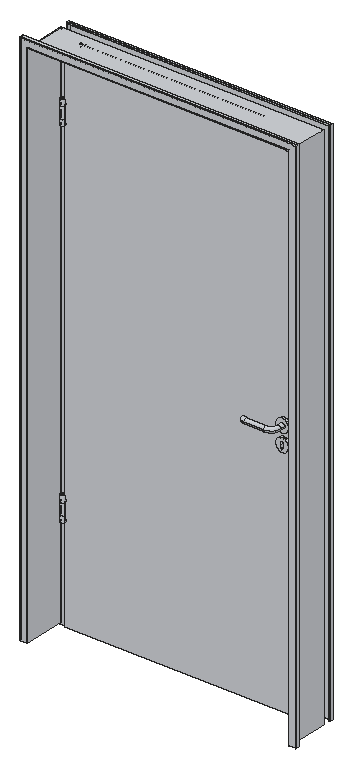
Revit family "BOS-Leibungszarge-Planar-TUud-STW_Familie", category Türen, Revit 2017
Family settings
  Basisbauteil = Wand
  Immer vertikal = Ja
  Beim Laden mit Abzugskörper schneiden = Nein
  Gemeinsam genutzt = Nein
  Raumberechnungspunkt = Ja
Parameters (values of type "TUud")
  Öffnungswinkel [instance] = if(Öffnungswinkel   Aperture < Öffnungswinkel min., Öffnungswinkel min., if(Öffnungswinkel   Aperture > Öffnungswinkel max., Öffnungswinkel max., Öffnungswinkel   Aperture)) * if(DIN links   DIN Left, 1, -1)  # 0.00°
  Öffnungswinkel min. = 0.00°  # constant formula
  Öffnungswinkel max. = 90.00°  # constant formula
  Öffnungswinkel   Aperture [instance] = 0.00°
  Türblattabstand unten = 7 mm  # constant formula
  Türblattabstand oben = 4 mm  # constant formula
  Türblattabstand links-rechts = 3.5 mm  # constant formula
  Türblattabstand 3 = 4.5 mm  # constant formula
  Türblattabstand 2 = 4.5 mm  # constant formula
  Türblattabstand 1 = if(Gefälzt, 1.5 mm, -2 mm)  # 1.5 mm
  Türblattversatz  horizontal = if(Gefälzt, 11.5 mm, 6 mm)  # 11.5 mm
  Türblattaufschlag = 13 mm  # constant formula
  Theoretisches Rohbaumaß Höhe   Theoretical Wall Opening Height Measurement [instance] = FMH Falzmaß Höhe + Einfügepunkt  # 2183 mm
  Theoretisches Rohbaumaß Breite   Theoretical Wall Opening Width Measurement [instance] = FMB Falzmaß Breite + (2 * Einfügepunkt)  # 1116 mm
  Sickentiefe = 10 mm  # constant formula
  Material - Acrylfuge = none
  MW min. [instance] = 100 mm - Putzwinkel hinten  # 90 mm
  MW max. [instance] = GT max. - Putzwinkel vorne - Putzwinkel hinten  # 625 mm
  Leibungstiefe = 0 mm  # constant formula
  Drehpunktreferenz vertikal [instance] = Wandstärke   Wall Thickness  # 200 mm
  Drehpunktreferenz horizontal = 500 mm  # constant formula
  Drehpunktposition vertikal [instance] = (Wandstärke   Wall Thickness / 2) - Putzwinkel hinten + Falztiefe + Falztiefe 2 + [Drehpunktabstand (SP) vertikal] - (MW Maulweite   Receiving Opening - Wandstärke   Wall Thickness)  # 164 mm
  Drehpunktposition horizontal [instance] = Drehpunktreferenz horizontal + Einfügepunkt + if(DIN links   DIN Left, FMB Falzmaß Breite + [Drehpunktabstand (FM) horizontal], -[Drehpunktabstand (FM) horizontal])  # 1562 mm
  Drehpunktabstand (SP) vertikal = if(Gefälzt, 12.5 mm, 13.5 mm)  # 12.5 mm
  Drehpunktabstand (FM) horizontal = if(Gefälzt, 21 mm, 2.5 mm)  # 21 mm
  Wandstärke   Wall Thickness [instance] = 200 mm
  VX Bänder DIN rechts [instance] = and(DIN rechts   DIN Right, VX Bänder)  # no
  VX Bänder = or(TUud, [TUsd (Bandrolle sichtbar)])  # yes
  Stumpf = or([TUsd (Bandrolle sichtbar)], [TUsd (versteckt liegendes Band)])  # no
  VX Bänder DIN links [instance] = and(DIN links   DIN Left, VX Bänder)  # yes
  Spiegel vorne min. = 30 mm  # constant formula
  Spiegel vorne max. = 80 mm  # constant formula
  Spiegel innen min. = if(Tectus Bänder, 45 mm, 40 mm)  # 40 mm
  Spiegel innen max. = 45 mm  # constant formula
  Spiegel hinten min. = 30 mm  # constant formula
  Spiegel hinten max. = 60 mm  # constant formula
  Putzwinkel vorne   Backbend Front [instance] = 15 mm  # constant formula
  Putzwinkel min. = 10 mm  # constant formula
  Putzwinkel max. = 28 mm  # constant formula
  Putzwinkel innen   Backbend Inside [instance] = 10 mm  # constant formula
  Putzwinkel innen [instance] = Putzwinkel innen   Backbend Inside  # 10 mm
  Putzwinkel hinten   Backbend Back [instance] = 10 mm  # constant formula
  Gefälzt = TUud  # yes
  URL = "www.BestOfSteel.de/stahlzargen/sonderzargen-fuer-drehfluegeltueren/leibungszargen-planar/"
  Türblattstärke 3 = 25 mm  # constant formula
  Türblattstärke 2 = Türblattstärke - Türblattstärke 1 - Türblattstärke 3  # 25.5 mm
  Türblattstärke 1 = if(Gefälzt, 14.5 mm, 0 mm)  # 14.5 mm
  Türblattstärke = if(Einfachfalz, 65 mm, 65 mm)  # 65 mm
  Türblattversatz vertikal = if(Gefälzt, -3.5 mm, 15.5 mm)  # -3.5 mm
  Tectus Bänder DIN rechts [instance] = and(DIN rechts   DIN Right, Tectus Bänder)  # no
  Tectus Bänder DIN links [instance] = and(DIN links   DIN Left, Tectus Bänder)  # no
  Tectus Bänder = [TUsd (versteckt liegendes Band)]  # no
  TUud = yes
  TUsd (versteckt liegendes Band) = no
  TUsd (Bandrolle sichtbar) = no
  Spiegel vorne   Architrave Front [instance] = 30 mm
  Spiegel vorne [instance] = if(Spiegel vorne   Architrave Front < Spiegel vorne min., Spiegel vorne min., if(Spiegel vorne   Architrave Front > Spiegel vorne max., Spiegel vorne max., Spiegel vorne   Architrave Front))  # 30 mm
  Spiegel innen   Architrave Inside [instance] = 45 mm
  Spiegel innen [instance] = if(Spiegel innen   Architrave Inside < Spiegel innen min., Spiegel innen min., if(Spiegel innen   Architrave Inside > Spiegel innen max., Spiegel innen max., Spiegel innen   Architrave Inside))  # 45 mm
  Spiegel hinten   Architrave Back [instance] = 60 mm
  Spiegel hinten [instance] = if(Spiegel hinten   Architrave Back < Spiegel hinten min., Spiegel hinten min., if(Spiegel hinten   Architrave Back > Spiegel hinten max., Spiegel hinten max., Spiegel hinten   Architrave Back))  # 60 mm
  Rough Height = 0 mm  # constant formula
  Rough Width = 0 mm  # constant formula
  Rechtliche Hinweise [instance] = "www.BestOfSteel.de/tools-downloads/bim-building-information-modeling/"
  Putzwinkel vorne [instance] = if(Putzwinkel vorne   Backbend Front < Putzwinkel min., Putzwinkel min., if(Putzwinkel vorne   Backbend Front > Putzwinkel max., Putzwinkel max., Putzwinkel vorne   Backbend Front))  # 15 mm
  Putzwinkel hinten [instance] = if(Putzwinkel hinten   Backbend Back < Putzwinkel min., Putzwinkel min., if(Putzwinkel hinten   Backbend Back > Putzwinkel max., Putzwinkel max., Putzwinkel hinten   Backbend Back))  # 10 mm
  Profilverschiebung = 30 mm  # constant formula
  Modell = "TUud"
  Material - Zarge = none
  Material - Türblatt = none
  Material - Drückergarnitur = none
  Material - Dichtung = none
  Material - Bänder = none
  Material = "grundiert, feuerverzinktes Feinblech nach DIN EN 10143"
  MW Maulweite   Receiving Opening [instance] = if(Wandstärke   Wall Thickness - Putzwinkel hinten < MW min., MW min., if(Wandstärke   Wall Thickness - Putzwinkel hinten > MW max., MW max., Wandstärke   Wall Thickness - Putzwinkel hinten))  # 190 mm
  LDH Lichte Durchgangs Höhe   Clearance Height [instance] = FMH Falzmaß Höhe - Falzaufschlag gesamt  # 2093 mm
  LDB Lichte Durchgangs Breite   Clearance Width [instance] = FMB Falzmaß Breite - 2 * (Falzaufschlag gesamt)  # 936 mm
  Information in English = no
  Height [instance] = Theoretisches Rohbaumaß Höhe   Theoretical Wall Opening Height Measurement  # 2183 mm
  Hersteller = "BOS GmbH Best Of Steel, Lütkenfelde 4, D-48282 Emsdetten"
  GT min. [instance] = MW min. + Putzwinkel vorne + Putzwinkel hinten  # 115 mm
  GT max. = 650 mm  # constant formula
  GT Gesamttiefe_Zarge   Total Profile Depth [instance] = MW Maulweite   Receiving Opening + Putzwinkel vorne + Putzwinkel hinten  # 215 mm
  MW Fehler [instance] = not(Wandstärke   Wall Thickness = MW Maulweite   Receiving Opening + Putzwinkel hinten)  # no
  Funktion = Innen
  Falztiefe gesamt = Falztiefe + if(Einfachfalz, 0 mm, Falztiefe 2)  # 28.5 mm
  Falztiefe 2 = 23 mm  # constant formula
  Falztiefe = Türblattstärke 2 - Türblattabstand 1 + Türblattabstand 2  # 28.5 mm
  Falzaufschlag gesamt = Falzaufschlag * if(Einfachfalz, 1, 2)  # 15 mm
  Falzaufschlag = 15 mm  # constant formula
  FMH min. = 1608 mm  # constant formula
  FMH max. = 2858 mm  # constant formula
  FMH Falzmaß_Höhe   Rebate Height Measurement [instance] = 2108 mm
  FMH Falzmaß Höhe [instance] = if(FMH Falzmaß_Höhe   Rebate Height Measurement < FMH min., FMH min., if(FMH Falzmaß_Höhe   Rebate Height Measurement > FMH max., FMH max., FMH Falzmaß_Höhe   Rebate Height Measurement))  # 2108 mm
  FMB min. = 591 mm  # constant formula
  FMB max. = 1341 mm  # constant formula
  FMB Falzmaß_Breite   Rebate Width Measurement [instance] = 966 mm
  FMB Falzmaß Breite [instance] = if(FMB Falzmaß_Breite   Rebate Width Measurement < FMB min., FMB min., if(FMB Falzmaß_Breite   Rebate Width Measurement > FMB max., FMB max., FMB Falzmaß_Breite   Rebate Width Measurement))  # 966 mm
  Einfügepunkt [instance] = Profilverschiebung + Spiegel innen  # 75 mm
  Einfachfalz = or(TUud, or([TUsd (Bandrolle sichtbar)], [TUsd (versteckt liegendes Band)]))  # yes
  Drückerhöhe   Handle Height [instance] = 1050 mm
  Drückerhöhe [instance] = if(Drückerhöhe   Handle Height < 850 mm, 850 mm, if(Drückerhöhe   Handle Height > 1050 mm, 1050 mm, Drückerhöhe   Handle Height))  # 1050 mm
  Drückergarnitur DIN rechts [instance] = DIN rechts   DIN Right  # no
  Drückergarnitur DIN links [instance] = DIN links   DIN Left  # yes
  Drehpunkt Warnung sichtbar = yes
  Drehpunkt Warnung [instance] = and(Drehpunkt Warnung sichtbar, not(Öffnungswinkel = 0.00°))  # no
  Doppelfalz = 1 > 2  # no
  Dicke = 0 mm  # constant formula
  Dichtungsversatz vertikal 1 [instance] = MW Maulweite   Receiving Opening + Putzwinkel hinten - Falztiefe 2 + Sickentiefe  # 187 mm
  Dichtungsversatz horizontal 1 [instance] = 0 mm  # constant formula
  Dichtung 1 = or(Einfachfalz, Doppelfalz)  # yes
  DIN rechts   DIN Right [instance] = not(DIN links   DIN Left)  # no
  DIN links oder rechts [instance] = if(DIN links   DIN Left, "DIN links", "DIN rechts")  # "DIN links"
  DIN links   DIN Left [instance] = yes
  Bänder - Auswahl [instance] = if(TUud, "3D Bänder gefälzt, Bandaufnahmen BVX11000", if([TUsd (Bandrolle sichtbar)], "3D Bänder stumpf, Bandaufnahmen BVX11000", "Tectus 3D Bänder, Bandaufnahmenn für Tectus Bänder"))  # "3D Bänder gefälzt, Bandaufnahmen BVX11000"
  Width = 0 mm  # constant formula
  Beschreibung = "Leibungszarge Planar für Ständerwerk Variante 1, gefälzt"
  Bauelement = "BOS Stahlzarge"
  BOS-Architekten-Beratung = "Tel.: +49 (0) 2572 203-203; E-Mail: architekten@BestOfSteel.de"
  BE max. = 100 mm  # constant formula
  BE Bodeneinstand   Foundation Bedding [instance] = 0 mm
  BE Bodeneinstand [instance] = if(BE Bodeneinstand   Foundation Bedding < 0 mm, 0 mm, if(BE Bodeneinstand   Foundation Bedding > BE max., BE max., BE Bodeneinstand   Foundation Bedding))  # 0 mm
  BBL1 Bandbezugslinie   Hinge Position 1 = 241 mm  # constant formula
  BA Bandabstand   Distance Between Hinges [instance] = if(FMH Falzmaß Höhe < 1546 mm, 935 mm, if(FMH Falzmaß Höhe < 1671 mm, 1060 mm, if(FMH Falzmaß Höhe < 1796 mm, 1185 mm, if(FMH Falzmaß Höhe < 1921 mm, 1310 mm, if(FMH Falzmaß Höhe < 2171 mm, 1435 mm, if(FMH Falzmaß Höhe < 2296 mm, 1685 mm, if(FMH Falzmaß Höhe < 2421 mm, 1810 mm, if(FMH Falzmaß Höhe < 2546 mm, 1935 mm, if(FMH Falzmaß Höhe < 2671 mm, 2060 mm, if(FMH Falzmaß Höhe < 2796 mm, 2185 mm, 2310 mm))))))))))  # 1435 mm
  Technische Infos rund um die Stahlzarge = "www.BestOfSteel.de/tools-downloads/technische-infos-rund-um-die-stahlzarge/"
  Info-Texte sichtbar = yes
Reference planes
  plane 1 "Wand": y = 0
  plane 2 "Mitte (Links/rechts)": x = 125
  plane 3 "Hinten": y = 100
  plane 4 "Vorne": y = -100
  plane 5 "RNB links": x = -433
  plane 6 "RNB rechts": x = 683
  plane 7 "RNH oben": z = 2183
  plane 8 "BBL1": z = 1867
  plane 9 "Drückerhöhe": z = 1050
  plane 10 "BBL2": z = 432
  plane 11 "BE": z = 0
  plane 12 "FMH oben": z = 2108
  plane 13 "BE max.": z = -100
  plane 14 "FMB links": x = -358
  plane 15 "FMB rechts": x = 608
  plane 16 "Drehpunktreferenz horizontal": x = 1183
  plane 17 "Drehpunktreferenz vertikal": y = 200
  plane 18 "Drehpunkt vertikal": y = 36
  plane 19 "Drehpunkt horizontal": x = -379
Forms (mm)
  Sweep 1, solid, material <- "Material - Zarge", detail levels medium+fine
    path origin (0, -100, 0) x (-1, 0, 0) y (0, 0, 1)
      loop
        line (433, 0) -> (433, 2183) -> (-683, 2183) -> (-683, 0)
    profile "BOS-(w)TUud-(w)TUsd_Profil : BOS-(w)TUud-(w)TUsd_Profil" origin (-433, -100, 1091.5) x (1, 0, 0) y (0, 1, 0)
      loop
        arc (30, 151) -> (30.732, 149.232) -> (32.5, 148.5) r 2.5
        line (32.5, 148.5) -> (72.5, 148.5)
        arc (72.5, 148.5) -> (74.268, 149.232) -> (75, 151) r 2.5
        line (75, 151) -> (75, 186)
        arc (75, 186) -> (75.293, 186.707) -> (76, 187) r 1
        line (76, 187) -> (84, 187)
        arc (84, 187) -> (85.154, 186.458) -> (85.475, 185.225) r 1.5
        line (85.475, 185.225) -> (84.547, 180.255)
        arc (84.547, 180.255) -> (86.996, 177.012) -> (90, 179.75) r 2.75
        line (90, 179.75) -> (90, 197.5)
        arc (90, 197.5) -> (89.268, 199.268) -> (87.5, 200) r 2.5
        line (87.5, 200) -> (32.5, 200)
        arc (32.5, 200) -> (30.732, 199.268) -> (30, 197.5) r 2.5
        line (30, 197.5) -> (30, 190) -> (31.5, 190) -> (31.5, 197.5)
        arc (31.5, 197.5) -> (31.793, 198.207) -> (32.5, 198.5) r 1
        line (32.5, 198.5) -> (87.5, 198.5)
        arc (87.5, 198.5) -> (88.207, 198.207) -> (88.5, 197.5) r 1
        line (88.5, 197.5) -> (88.5, 179.75)
        arc (88.5, 179.75) -> (87.135, 178.505) -> (86.021, 179.979) r 1.25
        line (86.021, 179.979) -> (86.949, 184.949)
        arc (86.949, 184.949) -> (86.308, 187.417) -> (84, 188.5) r 3
        line (84, 188.5) -> (76, 188.5)
        arc (76, 188.5) -> (74.232, 187.768) -> (73.5, 186) r 2.5
        line (73.5, 186) -> (73.5, 151)
        arc (73.5, 151) -> (73.207, 150.293) -> (72.5, 150) r 1
        line (72.5, 150) -> (32.5, 150)
        arc (32.5, 150) -> (31.793, 150.293) -> (31.5, 151) r 1
        line (31.5, 151) -> (31.5, 158.5) -> (28.5, 158.5) -> (28.5, -12.5)
        arc (28.5, -12.5) -> (28.207, -13.207) -> (27.5, -13.5) r 1
        line (27.5, -13.5) -> (2.5, -13.5)
        arc (2.5, -13.5) -> (1.793, -13.207) -> (1.5, -12.5) r 1
        line (1.5, -12.5) -> (1.5, 0) -> (0, 0) -> (0, -12.5)
        arc (0, -12.5) -> (0.732, -14.268) -> (2.5, -15) r 2.5
        line (2.5, -15) -> (27.5, -15)
        arc (27.5, -15) -> (29.268, -14.268) -> (30, -12.5) r 2.5
        line (30, -12.5) -> (30, 151)
  Sweep 2, solid, material <- "Material - Dichtung", visible <- "Dichtung 1", detail levels medium+fine
    path origin (0, -100, 0) x (-1, 0, 0) y (0, 0, 1)
      loop
        line (358, 0) -> (358, 2108) -> (-608, 2108) -> (-608, 0)
    profile "BOS-Dichtung_Profil : BOS-Dichtung_Profil" origin (-358, -100, 1054) x (1, 0, 0) y (0, 1, 0)
      loop
        arc (2.601, 185.763) -> (2.248, 185.616) -> (2.102, 185.263) r 0.5
        line (2.102, 185.263) -> (2.102, 181.134)
        arc (2.102, 181.134) -> (2.243, 180.754) -> (2.599, 180.557) r 0.584
        line (2.599, 180.557) -> (7.702, 179.78)
        arc (7.702, 179.78) -> (8.08, 179.892) -> (8.234, 180.254) r 0.462
        line (8.234, 180.254) -> (8.069, 184.492)
        arc (8.069, 184.492) -> (7.918, 184.903) -> (7.556, 185.15) r 0.716
        arc (7.556, 185.15) -> (5.104, 185.66) -> (2.601, 185.763) r 15.257
      loop
        arc (2.671, 179.457) -> (2.274, 179.338) -> (2.102, 178.96) r 0.501
        line (2.102, 178.96) -> (2.102, 176.065)
        arc (2.102, 176.065) -> (2.227, 175.651) -> (2.561, 175.374) r 0.75
        line (2.561, 175.374) -> (9.159, 173.5)
        arc (9.159, 173.5) -> (9.738, 173.426) -> (10.314, 173.526) r 1.962
        arc (10.314, 173.526) -> (11.596, 174.254) -> (12.503, 175.416) r 3.79
        arc (12.503, 175.416) -> (12.466, 175.789) -> (12.114, 175.916) r 0.351
        arc (12.114, 175.916) -> (9.731, 176.318) -> (8.301, 178.267) r 3.215
        arc (8.301, 178.267) -> (8.101, 178.597) -> (7.751, 178.759) r 0.66
        line (7.751, 178.759) -> (2.671, 179.457)
      loop
        arc (9.885, 185.192) -> (6.361, 186.549) -> (2.611, 187) r 15.273
        arc (2.611, 187) -> (1.229, 186.741) -> (0, 186.058) r 4.388
        arc (0, 186.058) -> (-0.126, 185.698) -> (0.203, 185.505) r 0.3
        line (0.203, 185.505) -> (1.052, 185.679) -> (1.052, 180.712) -> (0.253, 180.089)
        arc (0.253, 180.089) -> (0.158, 179.698) -> (0.517, 179.517) r 0.324
        arc (0.517, 179.517) -> (0.888, 179.425) -> (1.052, 179.08) r 0.446
        line (1.052, 179.08) -> (1.052, 175.838) -> (0.255, 175.075)
        arc (0.255, 175.075) -> (0.205, 174.709) -> (0.55, 174.577) r 0.297
        arc (0.55, 174.577) -> (1.217, 174.694) -> (1.892, 174.637) r 2.63
        line (1.892, 174.637) -> (9.198, 172.549)
        arc (9.198, 172.549) -> (9.621, 172.508) -> (10.045, 172.524) r 3.219
        arc (10.045, 172.524) -> (12.714, 174.031) -> (14.033, 176.798) r 5.088
        arc (14.033, 176.798) -> (13.874, 177.208) -> (13.442, 177.288) r 0.451
        line (13.442, 177.288) -> (12.151, 176.852)
        arc (12.151, 176.852) -> (10.406, 177.22) -> (9.336, 178.647) r 2.533
        line (9.336, 178.647) -> (9.088, 184.069)
        arc (9.088, 184.069) -> (9.253, 184.464) -> (9.663, 184.587) r 0.501
        arc (9.663, 184.587) -> (10.021, 184.799) -> (9.885, 185.192) r 0.329
  Sweep 3, solid, material <- "Material - Acrylfuge", detail levels fine
    path origin (0, -100, 0) x (-1, 0, 0) y (0, 0, 1)
      loop
        line (433, 0) -> (433, 2183) -> (-683, 2183) -> (-683, 0)
    profile origin (-433, -100, 1091.5) x (1, 0, 0) y (0, 1, 0)
      loop
        line (25, 200) -> (25, 190)
        arc (25, 190) -> (27.5, 189.761) -> (30, 190) r 13.205
        line (30, 190) -> (30, 197.5)
        arc (30, 197.5) -> (30.146, 198.341) -> (30.566, 199.084) r 2.5
        arc (30.566, 199.084) -> (27.741, 199.287) -> (25, 200) r 15.539
  Sweep 4, void
    path origin (0, -100, 0) x (-1, 0, 0) y (0, 0, 1)
      loop
        line (433, 0) -> (433, 2183) -> (-125, 2183)
    profile origin (-433, -100, 1091.5) x (1, 0, 0) y (0, 1, 0)
      loop
        line (558, 200) -> (25, 200) -> (25, 187.5) -> (68, 187.5) -> (68, 175) -> (0, 175) -> (0, 25) -> (23, 25) -> (23, 0) -> (558, 0) -> (558, 200)
  Sweep 5, void
    path origin (0, -100, 0) x (-1, 0, 0) y (0, 0, 1)
      loop
        line (-683, 0) -> (-683, 2183) -> (-125, 2183)
    profile origin (683, -100, 1091.5) x (1, 0, 0) y (0, 1, 0)
      loop
        line (-558, 200) -> (-558, 0) -> (-23, 0) -> (-23, 25) -> (0, 25) -> (0, 175) -> (-68, 175) -> (-68, 187.5) -> (-25, 187.5) -> (-25, 200) -> (-558, 200)
Lines and regions (mm)
  reference lines
    curve 1: line (75, 650, 0) -> (195, 650, 0)
    curve 2: line (65, -650, 0) -> (185, -650, 0)
    curve 3: line (65, -350, 0) -> (185, -350, 0)
    curve 4: line (-379, 36, 0) -> (121, 36, 0)
  symbolic lines, style "DoorsHiddenLines", visible <- "DIN links   DIN Left", detail levels coarse
    curve 5: arc (683, 36, 0) -> (356.131, -753.131, 0) -> (-433, -1080, 0) r 1116
  symbolic lines, style "Doors", visible <- "DIN links   DIN Left", detail levels coarse
    curve 6: line (-433, 36, 0) -> (-433, -1080, 0)
  symbolic lines, style "DoorsHiddenLines", visible <- "DIN rechts   DIN Right", detail levels coarse
    curve 7: arc (-433, 36, 0) -> (-106.131, -753.131, 0) -> (683, -1080, 0) r 1116
  symbolic lines, style "Doors", visible <- "DIN rechts   DIN Right", detail levels coarse
    curve 8: line (683, 36, 0) -> (683, -1080, 0)
Text (mm)
  text "Außen     " at (-1696.17, 830.944, 0), in view "Ref.-Ebene"
  text "Außen" at (0, 1409.804, 2854.306), in view "Links"
  text "Placement side" at (0, 499.811, 2980.732), in view "Rechts"
Dimensions and locks
  locked: plane 3 "Hinten" to host wall
  locked: host wall to plane 4 "Vorne" at 0
  level to plane 7 "RNH oben" = 2183 mm
  equal spacing: plane 5 "RNB links", plane 2 "Mitte (Links/rechts)", plane 6 "RNB rechts"
  "Theoretisches Rohbaumaß Breite   Theoretical Wall Opening Width Measurement": plane 5 "RNB links" to plane 6 "RNB rechts"
  "Drückerhöhe": level to plane 9 "Drückerhöhe"
  "BE Bodeneinstand": plane 11 "BE" to level
  "Wandstärke   Wall Thickness": host wall to host wall
  "BBL1 Bandbezugslinie   Hinge Position 1": plane 12 "FMH oben" to plane 8 "BBL1"
  "BA Bandabstand   Distance Between Hinges": plane 8 "BBL1" to plane 10 "BBL2"
  "FMH Falzmaß Höhe": plane 12 "FMH oben" to level
  "Theoretisches Rohbaumaß Höhe   Theoretical Wall Opening Height Measurement": plane 7 "RNH oben" to level
  "BE max.": level to plane 13 "BE max."
  equal spacing: plane 14 "FMB links", plane 2 "Mitte (Links/rechts)", plane 15 "FMB rechts"
  "FMB Falzmaß Breite": plane 14 "FMB links" to plane 15 "FMB rechts"
  curve 2 to curve 3 to plane 4 "Vorne" to plane 3 "Hinten" to curve 1 = 300 mm, 250 mm, 200 mm, 550 mm
  "Drehpunktreferenz horizontal": plane 6 "RNB rechts" to plane 16 "Drehpunktreferenz horizontal"
  "Drehpunktposition horizontal": plane 19 "Drehpunkt horizontal" to plane 16 "Drehpunktreferenz horizontal"
  "Drehpunktreferenz vertikal": plane 1 "Wand" to plane 17 "Drehpunktreferenz vertikal"
  "Drehpunktposition vertikal": plane 18 "Drehpunkt vertikal" to plane 17 "Drehpunktreferenz vertikal"
  "Öffnungswinkel": angle curve 4 to plane 18 "Drehpunkt vertikal"
  aligned and locked: plane 1 "Wand" to host wall
  aligned and locked: plane 6 "RNB rechts" to nested 1
  aligned and locked: plane 9 "Drückerhöhe" to nested 1
  aligned and locked: plane 14 "FMB links" to Sweep 2 sketch curve
  aligned and locked: Sweep 2 sketch curve to plane 15 "FMB rechts"
  aligned and locked: Sweep 2 sketch curve to plane 12 "FMH oben"
  aligned and locked: plane 2 "Mitte (Links/rechts)" to nested 3
  aligned and locked: curve 2 to nested 3
  aligned and locked: curve 1 to nested 4
  aligned and locked: plane 2 "Mitte (Links/rechts)" to nested 4
  aligned and locked: nested 6 to plane 16 "Drehpunktreferenz horizontal"
  aligned and locked: plane 1 "Wand" to nested 6
  aligned and locked: curve 3 to nested 5
  aligned and locked: plane 2 "Mitte (Links/rechts)" to nested 5
  aligned and locked: nested 7 to curve 4
  aligned and locked: plane 8 "BBL1" to nested 9
  aligned and locked: nested 11 to plane 8 "BBL1"
  aligned and locked: nested 8 to plane 10 "BBL2"
  aligned and locked: plane 10 "BBL2" to nested 10
  aligned and locked: nested 8 to plane 19 "Drehpunkt horizontal"
  aligned and locked: nested 9 to plane 19 "Drehpunkt horizontal"
  aligned and locked: nested 8 to plane 18 "Drehpunkt vertikal"
  aligned and locked: nested 9 to plane 18 "Drehpunkt vertikal"
  aligned and locked: plane 18 "Drehpunkt vertikal" to nested 10
  aligned and locked: plane 18 "Drehpunkt vertikal" to nested 11
  aligned and locked: nested 10 to plane 19 "Drehpunkt horizontal"
  aligned and locked: nested 11 to plane 19 "Drehpunkt horizontal"
  aligned and locked: plane 5 "RNB links" to nested 12
  aligned and locked: nested 12 to plane 4 "Vorne"
  aligned and locked: plane 6 "RNB rechts" to nested 13
  aligned and locked: plane 4 "Vorne" to nested 13
  aligned and locked: plane 5 "RNB links" to Sweep 3 sketch curve
  aligned and locked: Sweep 3 sketch curve to plane 7 "RNH oben"
  aligned and locked: Sweep 3 sketch curve to plane 6 "RNB rechts"
  aligned and locked: level to Sweep 3 sketch curve  (x2)
  aligned and locked: nested 2 to nested 12  (x2)
  aligned and locked: Sweep 4 sketch curve to plane 7 "RNH oben"
  aligned and locked: plane 2 "Mitte (Links/rechts)" to Sweep 4 sketch curve
  aligned and locked: plane 5 "RNB links" to Sweep 4 sketch curve
  aligned and locked: level to Sweep 4 sketch curve
  aligned and locked: Sweep 4 sketch curve to plane 2 "Mitte (Links/rechts)"
  aligned and locked: Sweep 4 sketch curve to nested 12  (x7)
  aligned and locked: nested 12 to Sweep 4 sketch curve  (x2)
  aligned and locked: plane 7 "RNH oben" to Sweep 5 sketch curve
  aligned and locked: plane 6 "RNB rechts" to Sweep 5 sketch curve
  aligned and locked: level to Sweep 5 sketch curve
  aligned and locked: plane 2 "Mitte (Links/rechts)" to Sweep 5 sketch curve
  aligned and locked: Sweep 5 sketch curve to plane 2 "Mitte (Links/rechts)"
  aligned and locked: nested 13 to Sweep 5 sketch curve  (x3)
  aligned and locked: Sweep 5 sketch curve to nested 13  (x6)
  aligned and locked: Sweep 3 sketch curve to nested 12  (x5)
Automatic sketch dimensions
  Sweep 1 sketch curve to plane 6 "RNB rechts" = 0 mm
  Sweep 1 sketch curve to plane 5 "RNB links" = 0 mm
  Sweep 1 sketch curve to plane 11 "BE" = 0 mm  (x2)
  Sweep 1 sketch curve to plane 7 "RNH oben" = 0 mm
  Sweep 2 sketch curve to level = 0 mm  (x2)
  curve 7 to plane 18 "Drehpunkt vertikal" = 0 mm
  curve 5 to plane 18 "Drehpunkt vertikal" = 0 mm
  curve 7 to plane 6 "RNB rechts" = 0 mm
  curve 6 to plane 5 "RNB links" = 0 mm
  curve 6 to plane 18 "Drehpunkt vertikal" = 0 mm
  curve 8 to plane 18 "Drehpunkt vertikal" = 0 mm
  curve 7 to plane 5 "RNB links" = 0 mm
  curve 5 to plane 6 "RNB rechts" = 0 mm
  curve 4 to plane 18 "Drehpunkt vertikal" = 0 mm
  curve 4 to plane 19 "Drehpunkt horizontal" = 0 mm
  curve 2 to plane 2 "Mitte (Links/rechts)" = 60 mm
  curve 3 to plane 2 "Mitte (Links/rechts)" = 60 mm
  curve 1 to plane 2 "Mitte (Links/rechts)" = 50 mm
  plane 2 "Mitte (Links/rechts)" to curve 3 = 60 mm
  plane 2 "Mitte (Links/rechts)" to curve 2 = 60 mm
  plane 2 "Mitte (Links/rechts)" to curve 1 = 70 mm
Nested families
  nested 1: "BOS-BOS_Modell" at (683, 40.5, 1050), type "BOS-BOS_Modell", not visible
    with Abstand 75 mm
  nested 2: "BOS-Logo_Modell" at (-426, 64.201, 0), type "BOS-Logo_Modell", detail levels fine
  nested 3: "BOS-Info-Texte_Beschriftung" at (125, -650.955, 0), visible <- "Info-Texte sichtbar", type "Rechtliche Hinweise"
  nested 4: "BOS-Info-Texte_Beschriftung" at (125, 649.045, 0), visible <- "Info-Texte sichtbar", type "Technische Hinweise"
  nested 5: "BOS-Info-Texte_Beschriftung" at (125, -350.955, 0), visible <- "Drehpunkt Warnung", type "Drehpunkt Warnung"
  nested 6: "BOS-Info-Texte_Beschriftung" at (1183, -0.955, 0), visible <- "MW Fehler", type "Maulweite Fehlermeldung"
  nested 7: "BOS-Türblatt_Modell" at (125, 39.5, 0), type "BOS-Türblatt_Modell"
    with Türblattstärke 3 25 mm, Türblattstärke 65 mm, Drehpunktabstand vertikal 126.5 mm
  nested 8: "BOS-Band-VX_Modell" at (-379, 36, 432), visible <- "VX Bänder DIN links", type "BOS-Band-VX_Modell", detail levels fine
  nested 9: "BOS-Band-VX_Modell" at (-379, 36, 1867), visible <- "VX Bänder DIN links", type "BOS-Band-VX_Modell", detail levels fine
  nested 10: "BOS-Band-VX_Modell" at (-379, 36, 432) x (-1, 0, 0) z (0, 0, 1), visible <- "VX Bänder DIN rechts", type "BOS-Band-VX_Modell", detail levels fine
  nested 11: "BOS-Band-VX_Modell" at (-379, 36, 1867) x (-1, 0, 0) z (0, 0, 1), visible <- "VX Bänder DIN rechts", type "BOS-Band-VX_Modell", detail levels fine
  nested 12: "BOS-Sonder-Bügelanker-Leibungszarge-(Planar-V1-V2)_Detail" at (-440.5, 42.5, 0), type "BOS-Sonder-Bügelanker-Leibungszarge-(Planar-V1-V2)_Detail", detail levels fine
    with Spiegel hinten 60 mm, Falztiefe gesamt 28.5 mm, Beplankungsabstand hinten 1 65 mm
  nested 13: "BOS-Sonder-Bügelanker-Leibungszarge-(Planar-V1-V2)_Detail" at (690.5, 42.5, 0) x (-1, 0, 0) z (0, 0, 1), type "BOS-Sonder-Bügelanker-Leibungszarge-(Planar-V1-V2)_Detail", detail levels fine
    with Spiegel hinten 60 mm, Falztiefe gesamt 28.5 mm, Beplankungsabstand hinten 1 65 mm
Definition of nested family "BOS-Türblatt_Modell"
  Parameters (values of type "BOS-Türblatt_Modell")
    Default Elevation = 1219.2 mm
    URL = "www.BestOfSteel.de"
    Türblattversatz vertikal = -3.5 mm
    Türblattversatz horizontal = 11.5 mm
    Technische Infos rund um die Stahlzarge = "www.BestOfSteel.de/tools-downloads/technische-infos-rund-um-die-stahlzarge/"
    Türblattaufschlag = 13 mm
    Türblattstärke 3 = 0 mm
    Türblattstärke 2 = 25.5 mm
    Türblattstärke 1 = 14.5 mm
    Türblattstärke = 40 mm
    Türblattabstand oben = 4 mm
    Türblattabstand unten = 7 mm
    Türblattabstand links-rechts = 3.5 mm
    TAH3 Türblatt Außenmaß Höhe 3 = FMH Zargen Falzmaß Höhe - Falzaufschlag - Türblattabstand oben - Türblattabstand unten  # 2082 mm
    TAH2 Türblatt Außenmaß Höhe 2 = FMH Zargen Falzmaß Höhe - Türblattabstand oben - Türblattabstand unten  # 2097 mm
    TAH Türblatt Außenmaß Höhe = FMH Zargen Falzmaß Höhe + if(Gefälzt, Türblattaufschlag, 0 mm) - Türblattabstand oben - Türblattabstand unten  # 2110 mm
    Stumpf = no
    Rechtliche Hinweise = "www.BestOfSteel.de/tools-downloads/bim-building-information-modeling/"
    Material - Türblatt = none
    Material - Drückergarnitur = none
    Glastürdrücker DIN rechts = no
    Glastürdrücker DIN links = no
    Gefälzt = yes
    FMH Zargen Falzmaß Höhe = 2108 mm
    FMB Zargen Falzmaß Breite = 966 mm
    Einfachfalz = yes
    Drückerhöhe = 1050 mm
    Drückerabstand = 100 mm
    Drehpunktabstand vertikal = (2 * Türblattstärke) + Türblattversatz vertikal  # 76.5 mm
    Drehpunktabstand horizontal = (TAB Türblatt Außenmass Breite / 2) + if(DIN links   DIN Left, -Türblattversatz horizontal, TAB Türblatt Außenmass Breite + Türblattversatz horizontal)  # 481 mm
    Doppelfalz = no
    Drückergarnitur DIN rechts = no
    Drückergarnitur DIN links = yes
    DIN rechts   DIN Right = no
    DIN links   DIN Left = yes
    Description = "Holz- oder Glastürblatt, mit Drücker, gefälzt oder stumpf"
    Keynote = "BOS Türblatt"
    TAB3 Türblatt Außenmass Breite Türblatt 3 = FMB Zargen Falzmaß Breite - 2 * (Falzaufschlag + [Türblattabstand links-rechts])  # 929 mm
    TAB Türblatt Außenmass Breite = FMB Zargen Falzmaß Breite + 2 * (if(Gefälzt, Türblattaufschlag, 0 mm) - [Türblattabstand links-rechts])  # 985 mm
    TAB2 Türblatt Außenmass Breite Türblatt 2 = FMB Zargen Falzmaß Breite - 2 * ([Türblattabstand links-rechts])  # 959 mm
    Falzaufschlag = 15 mm
    BOS-Architekten-Beratung = "Tel.: +49 (0) 2572 203-203; E-Mail: architekten@BestOfSteel.de"
  Reference planes
    plane 1: y = -7
    plane 2: z = 0
    plane 3: x = 0
    plane 4: z = 7
    plane 5: z = 2117
    plane 6: x = -492.5
    plane 7: x = 492.5
    plane 8: x = -479.5
    plane 9: x = 479.5
    plane 10: x = 464.5
    plane 11: x = -464.5
    plane 12: y = 7.5
    plane 13: y = 33
    plane 14: y = 33
    plane 15: z = 2104
    plane 16: z = 2089
    plane 17: x = -392.5
    plane 18: x = 392.5
    plane 19: y = 73
    plane 20: z = 1050
    plane 21: x = -502.5
    plane 22: x = 502.5
    plane 23: z = 2127
    plane 24: x = -985
    plane 25: x = -504
    plane 26: y = -3.5
  Forms (mm)
    Extrusion 1, solid, material <- "Material - Türblatt", detail levels medium+fine
      sketch origin (0, 0, 0) x (1, 0, 0) y (0, 1, 0)
        loop
          line (-492.5, 33) -> (-492.5, -7) -> (492.5, -7) -> (492.5, 33) -> (-492.5, 33)
      from 7 to 2117
    Extrusion 2, void
      sketch origin (0, 0, 0) x (1, 0, 0) y (0, 1, 0)
        loop
          line (-502.5, 73) -> (-502.5, 7.5) -> (-479.5, 7.5) -> (-479.5, 33) -> (-464.5, 33) -> (-464.5, 73) -> (-502.5, 73)
        loop
          line (464.5, 73) -> (464.5, 33) -> (479.5, 33) -> (479.5, 7.5) -> (502.5, 7.5) -> (502.5, 73) -> (464.5, 73)
      from 7 to 2117
    Extrusion 3, void
      sketch origin (0, 0, 0) x (0, 1, 0) y (0, 0, 1)
        loop
          line (73, 2127) -> (7.5, 2127) -> (7.5, 2104) -> (33, 2104) -> (33, 2089) -> (73, 2089) -> (73, 2127)
      from -492.5 to 492.5
  Cuts and joins
    Extrusion 2, Extrusion 3 cuts Extrusion 1
  Dimensions and locks
    "Türblattabstand unten": plane 4 to plane 2
    equal spacing: plane 6, plane 3, plane 7
    "TAB Türblatt Außenmass Breite": plane 6 to plane 7
    equal spacing: plane 8, plane 3, plane 9
    "TAB2 Türblatt Außenmass Breite Türblatt 2": plane 8 to plane 9
    equal spacing: plane 11, plane 3, plane 10
    "TAB3 Türblatt Außenmass Breite Türblatt 3": plane 11 to plane 10
    "Türblattstärke 1": plane 1 to plane 12
    "Türblattstärke 2": plane 13 to plane 12
    "Türblattstärke 3": plane 14 to plane 13
    "TAH Türblatt Außenmaß Höhe": plane 5 to plane 4
    "TAH2 Türblatt Außenmaß Höhe 2": plane 15 to plane 4
    "TAH3 Türblatt Außenmaß Höhe 3": plane 16 to plane 4
    "Drückerabstand": plane 6 to plane 17
    "Drückerabstand": plane 18 to plane 7
    "Türblattstärke": plane 19 to plane 14
    "Drückerhöhe": plane 20 to plane 2
    plane 21 to plane 6 = 10 mm
    plane 7 to plane 22 = 10 mm
    plane 23 to plane 5 = 10 mm
    "Drehpunktabstand horizontal": plane 24 to plane 25
    "TAB Türblatt Außenmass Breite": plane 24 to plane 3
    "Drehpunktabstand vertikal": plane 19 to plane 26
    aligned and locked: level to plane 2
    aligned and locked: Extrusion 1 sketch curve to plane 1
    aligned and locked: Extrusion 1 sketch curve to plane 6
    aligned and locked: Extrusion 1 sketch curve to plane 14
    aligned and locked: Extrusion 1 sketch curve to plane 7
    aligned and locked: Extrusion 1 to plane 4
    aligned and locked: plane 5 to Extrusion 1
    aligned and locked: plane 19 to Extrusion 2 sketch curve
    aligned and locked: plane 11 to Extrusion 2 sketch curve
    aligned and locked: plane 13 to Extrusion 2 sketch curve  (x2)
    aligned and locked: plane 8 to Extrusion 2 sketch curve
    aligned and locked: Extrusion 2 sketch curve to plane 12
    aligned and locked: plane 10 to Extrusion 2 sketch curve
    aligned and locked: plane 9 to Extrusion 2 sketch curve
    aligned and locked: plane 12 to Extrusion 2 sketch curve
    aligned and locked: Extrusion 2 sketch curve to plane 19
    aligned and locked: Extrusion 2 to plane 4
    aligned and locked: plane 5 to Extrusion 2
    aligned and locked: Extrusion 3 sketch curve to plane 12
    aligned and locked: plane 19 to Extrusion 3 sketch curve
    aligned and locked: Extrusion 3 sketch curve to plane 16
    aligned and locked: Extrusion 3 sketch curve to plane 15
    aligned and locked: Extrusion 3 sketch curve to plane 13
    aligned and locked: plane 7 to Extrusion 3
    aligned and locked: Extrusion 3 to plane 6
    aligned and locked: plane 22 to Extrusion 2 sketch curve
    aligned and locked: Extrusion 2 sketch curve to plane 21
    aligned and locked: plane 23 to Extrusion 3 sketch curve
    aligned and locked: nested 1 to plane 20
    aligned and locked: plane 20 to nested 3
    aligned and locked: plane 20 to nested 2
    aligned and locked: nested 4 to plane 20
    aligned and locked: nested 1 to plane 17
    aligned and locked: nested 3 to plane 17
    aligned and locked: nested 2 to plane 18
    aligned and locked: nested 4 to plane 18
    aligned and locked: plane 1 to nested 1
    aligned and locked: nested 3 to plane 14
    aligned and locked: plane 14 to nested 4
    aligned and locked: nested 2 to plane 1
  Nested families
    nested 1: "BOS-Drückergarnitur_Modell" at (-392.5, -7, 1050), visible <- "Drückergarnitur DIN rechts", type "BOS-Drückergarnitur_Modell", detail levels fine
    nested 2: "BOS-Drückergarnitur_Modell" at (392.5, -7, 1050) x (-1, 0, 0) z (0, 0, 1), visible <- "Drückergarnitur DIN links", type "BOS-Drückergarnitur_Modell", detail levels fine
    nested 3: "BOS-Drückergarnitur_Modell" at (-392.5, 33, 1050), visible <- "Drückergarnitur DIN rechts", type "BOS-Drückergarnitur_Modell", detail levels fine
    nested 4: "BOS-Drückergarnitur_Modell" at (392.5, 33, 1050) x (-1, 0, 0) z (0, 0, 1), visible <- "Drückergarnitur DIN links", type "BOS-Drückergarnitur_Modell", detail levels fine
  Definition of nested family "BOS-Drückergarnitur_Modell"
    Parameters (values of type "BOS-Drückergarnitur_Modell")
      URL = "www.BestOfSteel.de"
      Rechtliche Hinweise = "www.BestOfSteel.de/tools-downloads/bim-building-information-modeling/"
      Material - Drückergarnitur = none
      Description = "Drücker und Rosette"
      Keynote = "BOS Drückergarnitur"
      BOS-Architekten-Beratung = "Tel.: +49 (0) 2572 203-203; E-Mail: architekten@BestOfSteel.de"
      Technische Infos rund um die Stahlzarge = "www.BestOfSteel.de/tools-downloads/technische-infos-rund-um-die-stahlzarge/"
    Reference planes
      plane 1: y = 0
      plane 2: z = 0
      plane 3: x = 0
    Forms (mm)
      Sweep 1, solid, material <- "Material - Drückergarnitur"
        path origin (0, 0, 0) x (1, 0, 0) y (0, 1, 0)
          loop
            line (0, 0) -> (0, -10)
        profile origin (0, -5, 0) x (1, 0, 0) y (0, 0, 1)
          loop
            circle (0, 0) r 26
      Sweep 2, solid, material <- "Material - Drückergarnitur"
        path origin (0, 0, 0) x (1, 0, 0) y (0, 1, 0)
          loop
            line (0, -10) -> (0, -30.336)
            arc (0, -30.336) -> (8.201, -50.135) -> (28, -58.336) r 28
            line (28, -58.336) -> (108.063, -58.336)
            arc (108.063, -58.336) -> (116.614, -56.829) -> (124.133, -52.487) r 25
        profile origin (0, -20.168, 0) x (1, 0, 0) y (0, 0, 1)
          loop
            circle (0, 0) r 9
      Sweep 3, solid, material <- "Material - Drückergarnitur"
        path origin (0, 0, -70) x (1, 0, 0) y (0, 1, 0)
          loop
            line (0, 0) -> (0, -10)
        profile origin (0, -5, -70) x (1, 0, 0) y (0, 0, 1)
          loop
            circle (0, 0) r 26
          loop
            arc (-4.3, -12.6) -> (0, -16.9) -> (4.3, -12.6) r 4.3
            line (4.3, -12.6) -> (4.3, 0)
            arc (4.3, 0) -> (7.07, 8.305) -> (0, 13.47) r 7.421
            arc (0, 13.47) -> (-7.07, 8.305) -> (-4.3, 0) r 7.421
            line (-4.3, 0) -> (-4.3, -12.6)
    Dimensions and locks
      plane 2 to Sweep 3 = 70 mm
    Automatic sketch dimensions
      Sweep 1 sketch curve to plane 3 = 0 mm
      plane 1 to Sweep 1 sketch curve = 0 mm
      plane 1 to Sweep 1 sketch curve = 10 mm
      level to Sweep 1 sketch curve = 0 mm
      profile plane to Sweep 1 sketch curve = 0 mm
      Sweep 2 sketch curve to plane 3 = 0 mm
      plane 3 to Sweep 2 sketch curve = 28 mm
      plane 1 to Sweep 2 sketch curve = 33.336 mm
      Sweep 2 sketch curve to Sweep 2 sketch curve = 80.063 mm
      plane 1 to Sweep 2 sketch curve = 58.336 mm
      Sweep 2 sketch curve to Sweep 2 sketch curve = 16.07 mm
      plane 1 to Sweep 2 sketch curve = 10 mm
      level to Sweep 2 sketch curve = 0 mm
      profile plane to Sweep 2 sketch curve = 0 mm
      Sweep 3 sketch curve to plane 3 = 0 mm
      plane 1 to Sweep 3 sketch curve = 0 mm
      plane 1 to Sweep 3 sketch curve = 10 mm
      Sweep 3 sketch curve to Sweep 3 sketch curve = 0 mm  (x2)
      Sweep 3 sketch curve to profile plane = 0 mm  (x2)
      profile plane to Sweep 3 sketch curve = 0 mm  (x3)
      Sweep 3 sketch curve to Sweep 3 sketch curve = 4.3 mm
      Sweep 3 sketch curve to Sweep 3 sketch curve = 12.6 mm
      profile plane to Sweep 3 sketch curve = 6.049 mm
      radius of Sweep 1 sketch curve = 26 mm
      radius of Sweep 2 sketch curve = 9 mm
      radius of Sweep 3 sketch curve = 26 mm
Definition of nested family "BOS-Band-VX_Modell"
  Parameters (values of type "BOS-Band-VX_Modell")
    Öffnungswinkel = 0.00°
    URL = "www.BestOfSteel.de"
    Stumpf = no
    Rechtliche Hinweise = "www.BestOfSteel.de/tools-downloads/bim-building-information-modeling/"
    Material - Bänder = none
    Manufacturer = ""
    Gefälzt = yes
    Drehwinkel = abs(Öffnungswinkel)  # 0.00°
    Description = "Band VX gefälzt oder stumpf"
    Keynote = "BOS Modell"
    BOS-Architekten-Beratung = "Tel.: +49 (0) 2572 203-203; E-Mail: architekten@BestOfSteel.de"
    Technische Infos rund um die Stahlzarge = "www.BestOfSteel.de/tools-downloads/technische-infos-rund-um-die-stahlzarge/"
  Reference planes
    plane 1: y = 0
    plane 2: z = 0
    plane 3: x = 0
  Forms (mm)
    Sweep 1, solid, material <- "Material - Bänder"
      path origin (-13.92, -27.5, 1200) x (-1, 0, 0) y (0, 0, 1)
        loop
          line (-13.92, -1247.5) -> (-13.92, -1152.5)
      profile origin (0, -27.5, 0) x (1, 0, 0) y (0, 1, 0)
        loop
          circle (0, 27.5) r 6.5
    Extrusion 2, solid, material <- "Material - Bänder", visible <- "Gefälzt"
      sketch origin (58.575, -26.745, 0) x (1, 0, 0) y (0, 1, 0)
        loop
          line (-48.615, 25.844) -> (-47.575, 37.348) -> (-47.575, 39.245) -> (-51.075, 39.245) -> (-51.075, 37.506) -> (-52.154, 25.574)
          arc (-52.154, 25.574) -> (-64.788, 24.746) -> (-54.041, 31.44) r 6.527
          line (-54.041, 31.44) -> (-51.628, 33.938)
          arc (-51.628, 33.938) -> (-67.946, 23.257) -> (-48.615, 25.844) r 10
      from -23.5 to 23.5
    Extrusion 3, solid, material <- "Material - Bänder", visible <- "Stumpf"
      sketch origin (26.489, 48.796, 0) x (1, 0, 0) y (0, 1, 0)
        loop
          line (-37.489, -37.345) -> (-36.338, -50.529)
          arc (-36.338, -50.529) -> (-16.979, -51.887) -> (-33.436, -41.602) r 10
          line (-33.436, -41.602) -> (-31.004, -44.128)
          arc (-31.004, -44.128) -> (-23.943, -42.824) -> (-19.982, -48.813) r 6.507
          arc (-19.982, -48.813) -> (-25.866, -55.271) -> (-32.842, -50.01) r 6.486
          line (-32.842, -50.01) -> (-34.035, -37.197) -> (-34.035, -35.296) -> (-37.489, -35.296) -> (-37.489, -37.345)
      from -23.5 to 23.5
    Extrusion 4, solid, material <- "Material - Bänder", visible <- "Gefälzt"
      sketch origin (0, 0, 0) x (0.5, -0.866025, 0) y (0.866025, 0.5, 0)
        loop
          arc (-3.25, -5.629) -> (-6.279, -1.682) -> (-5.629, 3.25) r 6.5
          line (-5.629, 3.25) -> (0.121, 13.209) -> (-2.91, 14.959) -> (-8.66, 5)
          arc (-8.66, 5) -> (5.664, -8.241) -> (-1.564, 9.877) r 10
          line (-1.564, 9.877) -> (-1.017, 6.42)
          arc (-1.017, 6.42) -> (6.391, -1.185) -> (-3.25, -5.629) r 6.5
      from 24 to 47.5
    Extrusion 5, solid, material <- "Material - Bänder", visible <- "Gefälzt"
      sketch origin (0, 0, 0) x (0.5, -0.866025, 0) y (0.866025, 0.5, 0)
        loop
          arc (-3.25, -5.629) -> (-6.279, -1.682) -> (-5.629, 3.25) r 6.5
          line (-5.629, 3.25) -> (0.121, 13.209) -> (-2.91, 14.959) -> (-8.66, 5)
          arc (-8.66, 5) -> (5.664, -8.241) -> (-1.564, 9.877) r 10
          line (-1.564, 9.877) -> (-1.017, 6.42)
          arc (-1.017, 6.42) -> (6.391, -1.185) -> (-3.25, -5.629) r 6.5
      from -24 to -47.5
    Extrusion 6, solid, material <- "Material - Bänder", visible <- "Stumpf"
      sketch origin (0, 0, 0) x (1, 0, 0) y (0, 1, 0)
        loop
          line (4.091, 5.051) -> (6.293, 7.771)
          arc (6.293, 7.771) -> (-9.026, -4.305) -> (10, 0) r 10
          line (10, 0) -> (10, 15.5) -> (6.5, 15.5) -> (6.5, 0)
          arc (6.5, 0) -> (0, -6.5) -> (-6.5, 0) r 6.5
          arc (-6.5, 0) -> (-2.798, 5.867) -> (4.091, 5.051) r 6.5
      from 24 to 47.5
    Extrusion 7, solid, material <- "Material - Bänder", visible <- "Stumpf"
      sketch origin (0, 0, 0) x (1, 0, 0) y (0, 1, 0)
        loop
          line (4.091, 5.051) -> (6.293, 7.771)
          arc (6.293, 7.771) -> (-9.026, -4.305) -> (10, 0) r 10
          line (10, 0) -> (10, 15.5) -> (6.5, 15.5) -> (6.5, 0)
          arc (6.5, 0) -> (0, -6.5) -> (-6.5, 0) r 6.5
          arc (-6.5, 0) -> (-2.798, 5.867) -> (4.091, 5.051) r 6.5
      from -24 to -47.5
  Lines and regions (mm)
    reference lines
      curve 1: line (0, 0, 0) -> (110, 0, 0)
  Dimensions and locks
    "Drehwinkel": angle curve 1 to plane 1
    aligned and locked: level to plane 2
    aligned and locked: plane 3 to curve 1
    aligned and locked: plane 1 to curve 1
  Automatic sketch dimensions
    Sweep 1 sketch curve to plane 3 = 0 mm
    Sweep 1 sketch curve to level = 47.5 mm
    level to Sweep 1 sketch curve = 47.5 mm
    Sweep 1 sketch curve to profile plane = 0 mm
    profile plane to Sweep 1 sketch curve = 27.5 mm
    Extrusion 2 sketch curve to Extrusion 2 sketch curve = 0 mm  (x3)
    Extrusion 2 sketch curve to plane 3 = 0 mm
    Extrusion 2 sketch curve to Extrusion 2 sketch curve = 6.421 mm
    Extrusion 2 sketch curve to Extrusion 2 sketch curve = 0.526 mm
    Extrusion 2 sketch curve to Extrusion 2 sketch curve = 0.553 mm
    Extrusion 2 sketch curve to Extrusion 2 sketch curve = 3.539 mm
    Extrusion 2 sketch curve to Extrusion 2 sketch curve = 3.5 mm
    plane 1 to Extrusion 2 sketch curve = 1.171 mm
    Extrusion 2 sketch curve to Extrusion 2 sketch curve = 0.27 mm
    Extrusion 2 sketch curve to Extrusion 2 sketch curve = 1.171 mm
    Extrusion 2 sketch curve to Extrusion 2 sketch curve = 3.409 mm
    Extrusion 2 sketch curve to Extrusion 2 sketch curve = 0.158 mm
    Extrusion 2 sketch curve to Extrusion 2 sketch curve = 1.739 mm
    Extrusion 2 sketch curve to Extrusion 2 sketch curve = 2.413 mm
    Extrusion 3 sketch curve to plane 1 = 11.45 mm
    Extrusion 3 sketch curve to plane 3 = 11 mm
    plane 1 to Extrusion 3 sketch curve = 1.733 mm
    Extrusion 3 sketch curve to Extrusion 3 sketch curve = 1.151 mm
    Extrusion 3 sketch curve to Extrusion 3 sketch curve = 3.454 mm
    Extrusion 3 sketch curve to plane 1 = 7.193 mm
    Extrusion 3 sketch curve to Extrusion 3 sketch curve = 0.599 mm
    plane 1 to Extrusion 3 sketch curve = 1.214 mm
    Extrusion 3 sketch curve to Extrusion 3 sketch curve = 3.496 mm
    Extrusion 3 sketch curve to plane 1 = 4.667 mm
    Extrusion 3 sketch curve to Extrusion 3 sketch curve = 2.431 mm
    Extrusion 3 sketch curve to Extrusion 3 sketch curve = 6.353 mm
    Extrusion 3 sketch curve to Extrusion 3 sketch curve = 0.001 mm
    Extrusion 3 sketch curve to Extrusion 3 sketch curve = 0.021 mm
    Extrusion 3 sketch curve to Extrusion 3 sketch curve = 0.017 mm
    Extrusion 3 sketch curve to Extrusion 3 sketch curve = 0.149 mm
    Extrusion 3 sketch curve to Extrusion 3 sketch curve = 2.05 mm
    Extrusion 4 sketch curve to Extrusion 4 sketch curve = 0 mm  (x6)
    Extrusion 4 sketch curve to curve 1 = 8.66 mm
    Extrusion 4 sketch curve to curve 1 = 5.629 mm
    Extrusion 4 sketch curve to curve 1 = 0 mm  (x3)
    curve 1 to Extrusion 4 sketch curve = 3.25 mm
    curve 1 to Extrusion 4 sketch curve = 5 mm
    Extrusion 4 sketch curve to Extrusion 4 sketch curve = 5.75 mm
    Extrusion 4 sketch curve to Extrusion 4 sketch curve = 1.346 mm
    Extrusion 4 sketch curve to Extrusion 4 sketch curve = 0.548 mm
    Extrusion 4 sketch curve to Extrusion 4 sketch curve = 3.031 mm
    Extrusion 5 sketch curve to Extrusion 5 sketch curve = 0 mm  (x6)
    Extrusion 5 sketch curve to curve 1 = 8.66 mm
    Extrusion 5 sketch curve to curve 1 = 5.629 mm
    Extrusion 5 sketch curve to curve 1 = 0 mm  (x3)
    curve 1 to Extrusion 5 sketch curve = 3.25 mm
    curve 1 to Extrusion 5 sketch curve = 5 mm
    Extrusion 5 sketch curve to curve 1 = 2.91 mm
    Extrusion 5 sketch curve to Extrusion 5 sketch curve = 1.346 mm
    Extrusion 5 sketch curve to Extrusion 5 sketch curve = 0.548 mm
    Extrusion 5 sketch curve to Extrusion 5 sketch curve = 3.031 mm
    Extrusion 7 sketch curve to Extrusion 7 sketch curve = 0 mm  (x6)
    Extrusion 7 sketch curve to curve 1 = 0 mm  (x2)
    curve 1 to Extrusion 7 sketch curve = 4.091 mm
    Extrusion 7 sketch curve to Extrusion 7 sketch curve = 2.203 mm
    curve 1 to Extrusion 7 sketch curve = 6.5 mm
    Extrusion 7 sketch curve to Extrusion 7 sketch curve = 3.5 mm
    curve 1 to Extrusion 7 sketch curve = 15.5 mm
    Extrusion 6 sketch curve to Extrusion 6 sketch curve = 0 mm  (x6)
    Extrusion 6 sketch curve to curve 1 = 0 mm  (x2)
    curve 1 to Extrusion 6 sketch curve = 4.091 mm
    Extrusion 6 sketch curve to Extrusion 6 sketch curve = 2.203 mm
    curve 1 to Extrusion 6 sketch curve = 6.5 mm
    Extrusion 6 sketch curve to Extrusion 6 sketch curve = 3.5 mm
    curve 1 to Extrusion 6 sketch curve = 15.5 mm
    radius of Sweep 1 sketch curve = 6.5 mm
Definition of nested family "BOS-BOS_Modell"
  Parameters (values of type "BOS-BOS_Modell")
    Abstand = 22 mm
  Reference planes
    plane 1 "Mitte (Vorne/hinten)": y = 0
    plane 2: z = 0
    plane 3 "Mitte (Links/rechts)": x = 0
    plane 4 "BOS": x = -22
  Dimensions and locks
    "Abstand": plane 4 "BOS" to plane 3 "Mitte (Links/rechts)"
    aligned and locked: level to plane 2
    aligned and locked: plane 1 "Mitte (Vorne/hinten)" to text3d elem
    aligned and locked: text3d elem to level
Definition of nested family "BOS-Logo_Modell"
  Parameters (values of type "BOS-Logo_Modell")
    URL = "www.BestOfSteel.de"
    Rechtliche Hinweise = "www.BestOfSteel.de/tools-downloads/bim-building-information-modeling/"
    Description = "BOS Logo"
    Keynote = "BOS Logo"
    BOS-Architekten-Beratung = "Tel.: +49 (0) 2572 203-203; E-Mail: architekten@BestOfSteel.de"
    Technische Infos rund um die Stahlzarge = "www.BestOfSteel.de/tools-downloads/technische-infos-rund-um-die-stahlzarge/"
    Abstand vertikal = 10 mm
    Abstand horizontal = 15 mm
  Reference planes
    plane 1: y = 0
    plane 2: z = 0
    plane 3: x = 0
    plane 4: x = -7
    plane 5: x = 7
    plane 6: y = 8.299
    plane 7: x = 15
    plane 8: y = 4.15
    plane 9: x = -15
    plane 10: y = 14.15
    plane 11: y = -5.85
  Dimensions and locks
    plane 4 to plane 3 to plane 5 = 7 mm, 7 mm
    "Abstand vertikal": plane 11 to plane 8 to plane 10
    plane 6 to plane 8 to plane 1 = 4.15 mm, 4.15 mm
    "Abstand horizontal": plane 9 to plane 3
    "Abstand horizontal": plane 3 to plane 7
    aligned and locked: level to plane 2
Definition of nested family "BOS-Info-Texte_Beschriftung"
  Parameters (values of type "Drehpunkt Warnung")
    Unten = no
    Schwarz = yes
    Rot = no
    Oben = yes
    Info-Text En unten = "Kein Text"
    Info-Text De unten = "Kein Text"
    Info-Text En oben = "The actual pivot point of the door leaf\r\nmay differ from the one illustrated!"
    Englisch unten rot = and(and(Unten, Englisch), Rot)  # no
    Englisch unten schwarz = and(and(Unten, Englisch), Schwarz)  # no
    Englisch oben rot = and(and(Oben, Englisch), Rot)  # no
    Englisch oben schwarz = and(and(Oben, Englisch), Schwarz)  # no
    Info-Text De oben = "Der tatsächliche Drehpunkt des Türblattes\r\nkann von der Darstellung abweichen!"
    Warndreieck = no
    Fehlerkreis = no
    Englisch = no
    Deutsch unten rot = and(and(Unten, Deutsch), Rot)  # no
    Deutsch unten schwarz = and(and(Unten, Deutsch), Schwarz)  # no
    Deutsch oben rot = and(and(Oben, Deutsch), Rot)  # no
    Deutsch oben schwarz = and(and(Oben, Deutsch), Schwarz)  # yes
    Deutsch = not(Englisch)  # yes
    Ausrufezeichen = "!"
  Types (12, lengths in mm): name | Unten | Schwarz | Rot | Oben | Info-Text En unten | Info-Text De unten | Info-Text En oben | Info-Text De oben | Warndreieck | Fehlerkreis | Deutsch unten schwarz | Deutsch oben rot | Deutsch oben schwarz
    Rechtliche Hinweise | no | yes | no | yes | "Kein Text" | "Kein Text" | "In accordance with the protection note according to DIN 34, the ownership and copyrights are reserved!\r\n© 2016 BOS GmbH, Emsdetten, Germany -\r\nObserve the ISO 16016 protective label (see ID data)!\r\n\r\nSubject to technical change!" | "Entsprechend dem Schutzvermerk nach DIN 34 behalten wir uns Eigentum und Urheberrecht vor!\r\n© 2016 BOS GmbH, Emsdetten, Deutschland -\r\nSchutzvermerk ISO 16016 beachten (siehe ID-Daten)!\r\n\r\nTechnische Änderungen vorbehalten!" | no | no | no | no | yes
    Maulweite Fehlermeldung | no | yes | no | yes | "Kein Text" | "Kein Text" | "Check the wall thickness!" | "Wandstärke prüfen!" | no | yes | no | no | yes
    Verstellbereich | no | yes | no | yes | "Kein Text" | "Kein Text" | "Adjustment area from -5 to +15mm,\r\nother adjustment areas possible" | "Verstellbereich von -5 bis +15mm\r\nanderer Verstellbereich möglich" | no | no | no | no | yes
    Verstellbereich wSvdW | no | yes | no | yes | "Kein Text" | "Kein Text" | "Adjustment area in the soffit from -2 to +15mm,\r\nother adjustment areas possible" | "Verstellbereich in der Zargenleibung von -2 bis +15mm\r\nanderer Verstellbereich möglich" | no | no | no | no | yes
    Wandartauswahl 15Nz15Z | no | yes | no | yes | "Kein Text" | "Kein Text" | "Attention for stud walls: underlay from site required!\r\nFor DIN door leaves, select larger structural wall measurements.\r\nFor selection \"stud walls\":\r\nsee 'Features' (remove tick for brick walls)" | "Achtung bei Ständerwerk: bauseitige Unterfütterung erforderlich!\r\nBei DIN-Türblatt Rohbaumaße größer wählen.\r\nFür Auswahl \"Ständerwerk\": \r\nsiehe 'Eigenschaften' (Häkchen entfernen bei Mauerwerk)." | no | no | no | no | yes
    Technische Hinweise | no | yes | no | yes | "Kein Text" | "Kein Text" | "Due to manufacturing reasons this Revit family may not be changed\r\nwithout consulting BOS!\r\n\r\nDo not mirror frames (door list)!\r\nsee ‘Features’: DIN left / DIN right\r\n\r\nThe solid and stud walls or, for example, their profiles,\r\nmust be designed so that they can reliably and sustainably\r\nabsorb the static and dynamic forces resulting\r\nfrom the load on the door element used." | "Diese Revit-Familie darf aus fertigungstechnischen Gründen\r\nnicht ohne Rücksprache mit BOS abgeändert werden!\r\n\r\nZargen nicht spiegeln (Türliste)!\r\nsiehe 'Eigenschaften': DIN links / DIN rechts\r\n\r\nDie Massiv- und Ständerwerkswände bzw. deren Profile\r\nmüssen so ausgebildet sein, dass sie die statischen\r\nund dynamischen Kräfte, welche sich aus der Belastung\r\nder verwendeten Türelements ergeben, zuverlässig\r\nund nachhaltig aufnehmen können." | no | no | no | no | yes
    Drückerhöhe Warnung | yes | yes | no | no | "Please take the handle depth/height and/or DIN opening direction into account" | "Drückertiefen/-höhen und/oder DIN Richtungen beachten/anpassen!" | "Kein Text" | "Kein Text" | yes | no | yes | no | no
    Maulweite-Dehnungsfuge Fehlermeldung | no | yes | no | yes | "Kein Text" | "Kein Text" | "Check the wall thickness and/or expansion joint!" | "Wandstärke und/oder Dehnungsfuge prüfen!" | no | yes | no | no | yes
    Technische Hinweise Norm | no | yes | no | yes | "Kein Text" | "Kein Text" | "Due to manufacturing reasons this Revit family may not be changed\r\nwithout consulting BOS!\r\n\r\nThe solid and stud walls or, for example, their profiles,\r\nmust be designed so that they can reliably and sustainably\r\nabsorb the static and dynamic forces resulting\r\nfrom the load on the door element used." | "Diese Revit-Familie darf aus fertigungstechnischen Gründen\r\nnicht ohne Rücksprache mit BOS abgeändert werden!\r\n\r\nDie Massiv- und Ständerwerkswände bzw. deren Profile\r\nmüssen so ausgebildet sein, dass sie die statischen\r\nund dynamischen Kräfte, welche sich aus der Belastung\r\nder verwendeten Türelements ergeben, zuverlässig\r\nund nachhaltig aufnehmen können." | no | no | no | no | yes
    Maßauswahl | no | no | yes | yes | "Kein Text" | "Kein Text" | "To choose  Rebate Width/Height Measurement, Receiving Opening\r\nsee 'Features'" | "Auswahl von FMB, FMH, MW\r\nunter 'Eigenschaften'" | no | no | no | yes | no
    Rohbaumaß Warnung | no | yes | no | yes | "Kein Text" | "Kein Text" | "For DIN door leaves, select larger structural wall measurements!\r\nWhen changing the architrave widths, the structural measurements change accordingly." | "Bei DIN-Türblatt Rohbaumaße größer wählen!\r\nBei Änderung der Spiegelbreiten, Rohbaumaße beachten." | no | no | no | no | yes
    Drehpunkt Warnung | no | yes | no | yes | "Kein Text" | "Kein Text" | "The actual pivot point of the door leaf\r\nmay differ from the one illustrated!" | "Der tatsächliche Drehpunkt des Türblattes\r\nkann von der Darstellung abweichen!" | no | no | no | no | yes
  Reference planes
    plane 1: y = 0.955
    plane 2: x = 0
  Lines and regions (mm)
    Filled region 1, type "Gefüllter Bereich Gelb", visible <- "Warndreieck"
      outline origin (-7.188, 1.747, 0) x (1, 0, 0) y (0, 1, 0)
        loop
          line (5.951, -3.033) -> (8.413, -3.033) -> (7.182, -0.9) -> (5.951, -3.033)
    Filled region 2, type "Gefüllter Bereich Rot", visible <- "Fehlerkreis"
      outline origin (0, -3.763, 0) x (1, 0, 0) y (0, 1, 0)
        loop
          circle (0, 3.1) r 1.5
        loop
          line (-0.937, 3.486) -> (-0.937, 2.686) -> (1.023, 2.686) -> (1.023, 3.486) -> (-0.937, 3.486)
    Filled region 3, type "Gefüllter Bereich Weiss", visible <- "Fehlerkreis"
      outline origin (-7.014, -2.062, 0) x (1, 0, 0) y (0, 1, 0)
        loop
          line (6.077, 1.785) -> (6.077, 0.985) -> (8.038, 0.985) -> (8.038, 1.785) -> (6.077, 1.785)
  Text (mm)
    label "Info-Text De oben schwarz" at (0.065, 1.415, 0), shows "Info-Text De oben", visible <- "Deutsch oben schwarz"
    label "!" at (0.065, -0.414, 0), shows "Ausrufezeichen", visible <- "Warndreieck"
    label "Info-Text En oben schwarz" at (0.065, 1.415, 0), shows "Info-Text En oben", visible <- "Englisch oben schwarz"
    label "Info-Text De unten schwarz" at (0.218, -2.468, 0), shows "Info-Text De unten", visible <- "Deutsch unten schwarz"
    label "Info-Text En unten schwarz" at (0.065, -2.419, 0), shows "Info-Text En unten", visible <- "Englisch unten schwarz"
    label "Info-Text En oben rot" at (0.065, 1.415, 0), shows "Info-Text En oben", visible <- "Englisch oben rot"
    label "Info-Text En unten rot" at (0.065, -2.419, 0), shows "Info-Text En unten", visible <- "Englisch unten rot"
    label "Info-Text De unten rot" at (0.065, -2.419, 0), shows "Info-Text De unten", visible <- "Deutsch unten rot"
    label "Info-Text De oben rot" at (-0.371, 1.396, 0), shows "Info-Text De oben", visible <- "Deutsch oben rot"
Definition of nested family "BOS-Sonder-Bügelanker-Leibungszarge-(Planar-V1-V2)_Detail"
  Parameters (values of type "BOS-Sonder-Bügelanker-Leibungszarge-(Planar-V1-V2)_Detail")
    Überstand hinten = if(Leibungszarge Planar, 0 mm, Putzwinkel hinten)  # 0 mm
    Wandstärke = MW Maulweite + if(Leibungszarge Planar, Putzwinkel hinten, 0 mm)  # 200 mm
    Variante 2 = no
    Variante 1 = yes
    Spiegel innen = 45 mm
    Spiegel hinten = 30 mm
    MW Maulweite = 190 mm
    URL = "www.BestOfSteel.de"
    Rechtliche Hinweise = "www.BestOfSteel.de/tools-downloads/bim-building-information-modeling/"
    Putzwinkel innen = 10 mm
    Putzwinkel hinten = 10 mm
    Profilverschiebung = 30 mm
    Leibungszarge Planar = yes
    Leibungszarge = no
    Leibungstiefe = 23 mm
    Falztiefe gesamt = 46.5 mm
    Falzaufschlag gesamt = 15 mm
    Falzaufschlag = 15 mm
    Beplankungsstärke = 25 mm
    Beplankungsreferenz = Spiegel innen + Falzaufschlag gesamt * if(Variante 1, 1, -1)  # 60 mm
